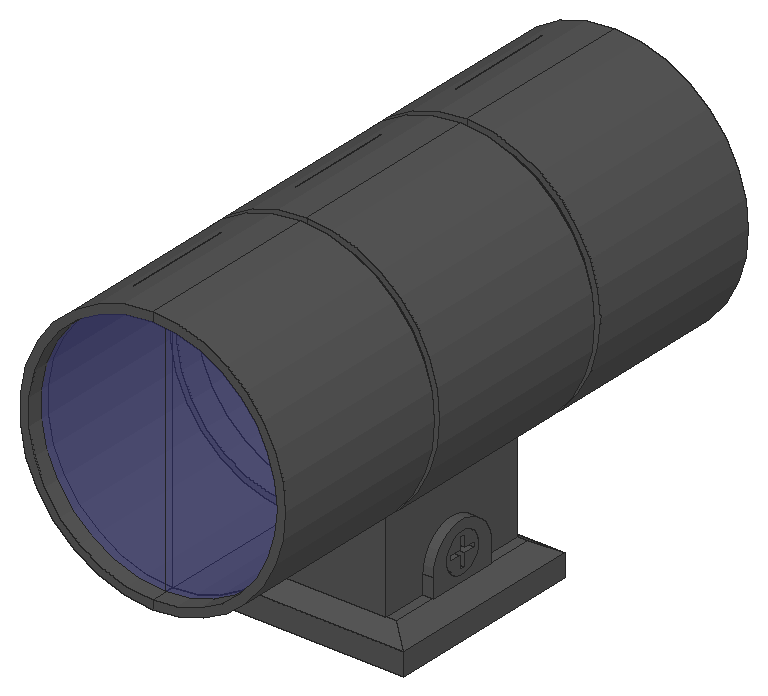
Revit family "CARLO CYLINDER LIGHT WALL MOUNT", category Lighting Fixtures, host Face, Revit 2020 (continued)
Types (10): name | Wattage_Input | Wattage Comments | Wattage | Photometric Web File | built-in parameter 1150142 | Model | built-in parameter 1150105 | Lumens | Light Length 1 | LIGHT RADIUS | LIGHT PLACEMENT | LIGHT LENGTH | LIGHT DIA | built-in parameter 1150106 | FIXED END HEIGHT | Curve base Height | Base Curve | BEAMING ANGLE | Apparent Load
    322.98 332.42 342.14 \r\n 352.44 363.73 375.31 386.59 397.69 408.55 419.2 429.6 439.92 450.42 \r\n 460.94 471.3 481.87 492.88 504.53 517.2 530.59 544.59 559 573.41 \r\n 588.32 604.34 620.76 636.98 653.22 669.56 685.84 701.85 717.82 734.12 \r\n 750.19 765.52 780.4 794.88 809.12 823.38 837.38 851.08 864.08 875.94 \r\n 886.76 896.38 905.21 913.75 921.61 928.59 934.66 939.38 943.77 948.93 \r\n 954.17 959.07 963.9 968.86 973.71 978.2 982.55 986.83 991.21 996.02 \r\n 1000.9 1005.5 1009.7 1012.7 1015.2 1017.9 1019.9 1019.9 1018.5 1016 \r\n 1011.9 \r\n1006.9 1014.9 1016.9 1017.7 1017.2 1015 1011.7 1008.2 1004.1 999.23 \r\n 993.98 988.75 983.67 979.08 974.75 970.59 966.43 962.01 957.44 952.66 \r\n 947.81 942.97 938.28 934.18 929.8 924.3 918.04 911.13 903.42 894.83 \r\n 885.35 874.89 863.53 851.19 838.21 824.86 811.18 797.41 783.29 768.64 \r\n 753.56 738.02 722.25 706.57 690.67 674.25 657.64 641.11 624.61 608.06 \r\n 591.92 576.8 562.04 546.91 532.15 518.32 505.22 492.88 481.23 470.43 \r\n 459.87 448.89 437.86 427.05 416.12 404.75 393.24 381.88 370.4 358.31 \r\n 346.61 336.48 326.98 317.39 308.34 300.8 292.94 283.65 271.78 254.63 \r\n 235.69 218.3 200.2 179.98 158.4 135.13 112.11 91.134 72.275 55.917 \r\n 42.919 35.001 29.963 26.253 23.644 21.368 19.508 17.899 16.527 15.337 \r\n 14.284 13.296 12.407 11.642 10.967 10.365 9.8236 9.3254 8.867 8.4371 \r\n 8.0417 7.6855 7.3609 7.0658 6.788 6.5128 6.2448 5.9801 5.7287 5.5067 \r\n 5.2919 5.0605 4.8337 4.6286 4.4339 4.2432 4.0589 3.8808 3.7113 3.5555 \r\n 3.4055 3.2529 3.1044 2.9646 2.8319 2.7066 2.588 2.4743 2.3692 2.2781 \r\n 2.1938 2.1037 2.0285 1.9957 1.9721 1.9318 1.8909 1.8574 1.829 1.8142 \r\n 1.7882 1.7152 1.6372 1.5989 1.556 1.4672 1.369 1.2906 1.2134 1.1273 \r\n 1.0359 0.93388 0.83892 0.77722 0.71805 0.6299 0.54144 0.47604 0.4181 0.35987 \r\n 0.30107 0.23292 0.17315 0.14563 0.12313 0.078346 0.035394 0.012214 0 0 \r\n 0.000056 0.0007332 0.0068444 0.023465 0.050371 0.09415 0.13944 0.16497 0.195 0.25403 \r\n 0.32006 0.37535 0.43163 0.49425 0.56458 0.65172 0.73793 0.79934 0.86354 0.95868 \r\n 1.0592 1.1459 1.2281 1.307 1.3881 1.487 1.5745 1.612 1.6442 1.7188 \r\n 1.7885 1.8089 1.8193 1.8488 1.8843 1.9231 1.9624 1.993 2.036 2.1172 \r\n 2.2125 2.3026 2.3989 2.5084 2.6254 2.7461 2.8727 3.0063 3.1468 3.2956 \r\n 3.4493 3.6035 3.7628 3.9308 4.1061 4.288 4.4781 4.6775 4.8874 5.1135 \r\n 5.3431 5.5573 5.7804 6.0367 6.3069 6.5778 6.8554 7.1366 7.4362 7.7692 \r\n 8.1321 8.5253 8.9519 9.4139 9.9159 10.454 11.056 11.753 12.539 13.411 \r\n 14.387 15.469 16.7 18.098 19.734 21.628 23.959 26.657 30.492 35.557 \r\n 43.81 58.151 75.844 95.206 115.98 137.6 159.31 179.97 200.18 220.25 \r\n 239.93 260.19 277.73 288.1 295.68 303.37 311.17 320.29 329.97 339.66 \r\n 349.95 361.58 373.55 384.95 396.17 407.37 418.4 429.06 439.62 450.33 \r\n 461.04 471.52 482.21 493.46 505.34 518.1 531.62 546 560.76 575.24 \r\n 590.16 606.28 622.83 639.22 655.64 672.14 688.55 704.66 720.68 736.85 \r\n 752.77 768.04 782.85 797.21 811.3 825.35 839.18 852.82 865.78 877.53 \r\n 888.22 897.65 906.24 914.45 921.96 928.62 934.37 938.76 942.83 947.72 \r\n 952.75 957.58 962.37 967.22 971.93 976.28 980.52 984.82 989.26 994.08 \r\n 998.97 1003.9 1008.3 1011.6 1014.4 1017.3 1019.3 1019.4 1018.1 1015.7 \r\n 1011.9 \r\n1006.9 1015.4 1017.6 1018.7 1018.5 1016.5 1013.4 1010.3 1006.5 1001.8 \r\n 996.76 991.79 986.94 982.43 978.11 973.95 969.73 965.14 960.41 955.63 \r\n 950.83 945.96 941.27 937.39 933.22 927.72 921.34 914.16 906.24 897.81 \r\n 888.49 877.93 866.29 853.45 839.96 826.36 812.53 798.62 784.39 769.66 \r\n 754.47 738.72 722.7 706.71 690.56 674.05 657.43 640.86 624.34 607.7 \r\n 591.5 576.55 561.98 546.89 532.18 518.53 505.66 493.55 482.08 471.28 \r\n 460.71 449.85 438.94 428.18 417.29 405.94 394.46 383.14 371.66 359.41 \r\n 347.53 337.3 327.68 317.84 308.53 300.67 292.91 285.12 274.61 257.1 \r\n 237.19 218.66 199.75 180.04 159.38 136.92 114.45 93.305 74.074 57.592 \r\n 44.449 36.168 30.777 26.938 24.27 21.905 19.969 18.308 16.892 15.648 \r\n 14.549 13.539 12.635 11.839 11.136 10.519 9.967 9.4562 8.9866 8.5492 \r\n 8.1464 7.7782 7.4424 7.1421 6.8617 6.5862 6.3169 6.0442 5.7849 5.5619 \r\n 5.3478 5.1161 4.8875 4.6759 4.4752 4.285 4.1028 3.9253 3.7554 3.5962 \r\n 3.4429 3.2905 3.1426 3.0009 2.8663 2.7411 2.622 2.5043 2.3941 2.2986 \r\n 2.2098 2.1149 2.0345 1.9951 1.9662 1.9283 1.8901 1.8516 1.8184 1.8064 \r\n 1.7853 1.7161 1.6418 1.6075 1.5686 1.4842 1.3884 1.3057 1.224 1.1397 \r\n 1.0514 0.95068 0.85591 0.79203 0.73112 0.64565 0.55929 0.48958 0.42729 0.37101 \r\n 0.31485 0.24556 0.18377 0.15482 0.1313 0.086901 0.043606 0.016322 0 0 \r\n 0 0 0 0.016322 0.043606 0.086901 0.1313 0.15482 0.18377 0.24556 \r\n 0.31485 0.37101 0.42729 0.48958 0.55929 0.64565 0.73112 0.79203 0.85591 0.95068 \r\n 1.0514 1.1397 1.224 1.3057 1.3884 1.4842 1.5686 1.6075 1.6418 1.7161 \r\n 1.7853 1.8064 1.8184 1.8516 1.8901 1.9283 1.9662 1.9951 2.0345 2.1149 \r\n 2.2098 2.2986 2.3941 2.5043 2.622 2.7411 2.8663 3.0009 3.1426 3.2905 \r\n 3.4429 3.5962 3.7554 3.9253 4.1028 4.285 4.4752 4.6759 4.8875 5.1161 \r\n 5.3478 5.5619 5.7849 6.0442 6.3169 6.5862 6.8617 7.1421 7.4424 7.7782 \r\n 8.1464 8.5492 8.9866 9.4562 9.967 10.519 11.136 11.839 12.635 13.539 \r\n 14.549 15.648 16.892 18.308 19.969 21.905 24.27 26.938 30.777 36.168 \r\n 44.449 57.592 74.074 93.305 114.45 136.92 159.38 180.04 199.75 218.66 \r\n 237.19 257.1 274.61 285.12 292.91 300.67 308.53 317.84 327.68 337.3 \r\n 347.53 359.41 371.66 383.14 394.46 405.94 417.29 428.18 438.94 449.85 \r\n 460.71 471.28 482.08 493.55 505.66 518.53 532.18 546.89 561.98 576.55 \r\n 591.5 607.7 624.34 640.86 657.43 674.05 690.56 706.71 722.7 738.72 \r\n 754.47 769.66 784.39 798.62 812.53 826.36 839.96 853.45 866.29 877.93 \r\n 888.49 897.81 906.24 914.16 921.34 927.72 933.22 937.39 941.27 945.96 \r\n 950.83 955.63 960.41 965.14 969.73 973.95 978.11 982.43 986.94 991.79 \r\n 996.76 1001.8 1006.5 1010.3 1013.4 1016.5 1018.5 1018.7 1017.6 1015.4 \r\n 1011.9 \r\n1006.9 1015.7 1018.1 1019.4 1019.3 1017.3 1014.4 1011.6 1008.3 1003.9 \r\n 998.97 994.08 989.26 984.82 980.52 976.28 971.93 967.22 962.37 957.58 \r\n 952.75 947.72 942.83 938.76 934.37 928.62 921.96 914.45 906.24 897.65 \r\n 888.22 877.53 865.78 852.82 839.18 825.35 811.3 797.21 782.85 768.04 \r\n 752.77 736.85 720.68 704.66 688.55 672.14 655.64 639.22 622.83 606.28 \r\n 590.16 575.24 560.76 546 531.62 518.1 505.34 493.46 482.21 471.52 \r\n 461.04 450.33 439.62 429.06 418.4 407.37 396.17 384.95 373.55 361.58 \r\n 349.95 339.66 329.97 320.29 311.17 303.37 295.68 288.1 277.73 260.19 \r\n 239.93 220.25 200.18 179.97 159.31 137.6 115.98 95.206 75.844 58.151 \r\n 43.81 35.557 30.492 26.657 23.959 21.628 19.734 18.098 16.7 15.469 \r\n 14.387 13.411 12.539 11.753 11.056 10.454 9.9159 9.4139 8.9519 8.5253 \r\n 8.1321 7.7692 7.4362 7.1366 6.8554 6.5778 6.3069 6.0367 5.7804 5.5573 \r\n 5.3431 5.1135 4.8874 4.6775 4.4781 4.288 4.1061 3.9308 3.7628 3.6035 \r\n 3.4493 3.2956 3.1468 3.0063 2.8727 2.7461 2.6254 2.5084 2.3989 2.3026 \r\n 2.2125 2.1172 2.036 1.993 1.9624 1.9231 1.8843 1.8488 1.8193 1.8089 \r\n 1.7885 1.7188 1.6442 1.612 1.5745 1.487 1.3881 1.307 1.2281 1.1459 \r\n 1.0592 0.95868 0.86354 0.79934 0.73793 0.65172 0.56458 0.49425 0.43163 0.37535 \r\n 0.32006 0.25403 0.195 0.16497 0.13944 0.09415 0.050371 0.023465 0.0068444 0.0007332 \r\n 0.000056 0 0 0.012214 0.035394 0.078346 0.12313 0.14563 0.17315 0.23292 \r\n 0.30107 0.35987 0.4181 0.47604 0.54144 0.6299 0.71805 0.77722 0.83892 0.93388 \r\n 1.0359 1.1273 1.2134 1.2906 1.369 1.4672 1.556 1.5989 1.6372 1.7152 \r\n 1.7882 1.8142 1.829 1.8574 1.8909 1.9318 1.9721 1.9957 2.0285 2.1037 \r\n 2.1938 2.2781 2.3692 2.4743 2.588 2.7066 2.8319 2.9646 3.1044 3.2529 \r\n 3.4055 3.5555 3.7113 3.8808 4.0589 4.2432 4.4339 4.6286 4.8337 5.0605 \r\n 5.2919 5.5067 5.7287 5.9801 6.2448 6.5128 6.788 7.0658 7.3609 7.6855 \r\n 8.0417 8.4371 8.867 9.3254 9.8236 10.365 10.967 11.642 12.407 13.296 \r\n 14.284 15.337 16.527 17.899 19.508 21.368 23.644 26.253 29.963 35.001 \r\n 42.919 55.917 72.275 91.134 112.11 135.13 158.4 179.98 200.2 218.3 \r\n 235.69 254.63 271.78 283.65 292.94 300.8 308.34 317.39 326.98 336.48 \r\n 346.61 358.31 370.4 381.88 393.24 404.75 416.12 427.05 437.86 448.89 \r\n 459.87 470.43 481.23 492.88 505.22 518.32 532.15 546.91 562.04 576.8 \r\n 591.92 608.06 624.61 641.11 657.64 674.25 690.67 706.57 722.25 738.02 \r\n 753.56 768.64 783.29 797.41 811.18 824.86 838.21 851.19 863.53 874.89 \r\n 885.35 894.83 903.42 911.13 918.04 924.3 929.8 934.18 938.28 942.97 \r\n 947.81 952.66 957.44 962.01 966.43 970.59 974.75 979.08 983.67 988.75 \r\n 993.98 999.23 1004.1 1008.2 1011.7 1015 1017.2 1017.7 1016.9 1014.9 \r\n 1011.9 \r\n1006.9 1016 1018.5 1019.9 1019.9 1017.9 1015.2 1012.7 1009.7 1005.5 \r\n 1000.9 996.02 991.21 986.83 982.55 978.2 973.71 968.86 963.9 959.07 \r\n 954.17 948.93 943.77 939.38 934.66 928.59 921.61 913.75 905.21 896.38 \r\n 886.76 875.94 864.08 851.08 837.38 823.38 809.12 794.88 780.4 765.52 \r\n 750.19 734.12 717.82 701.85 685.84 669.56 653.22 636.98 620.76 604.34 \r\n 588.32 573.41 559 544.59 530.59 517.2 504.53 492.88 481.87 471.3 \r\n 460.94 450.42 439.92 429.6 419.2 408.55 397.69 386.59 375.31 363.73 \r\n 352.44 342.14 332.42 322.98 314.13 306.48 298.81 291.03 280.41 262.88 \r\n 242.41 221.65 200.42 179.49 158.6 137.6 116.86 96.526 77.1 58.16 \r\n 42.605 34.518 29.932 26.146 23.433 21.165 19.341 17.75 16.388 15.186 \r\n 14.132 13.203 12.374 11.607 10.923 10.341 9.8234 9.3345 8.8839 8.4715 \r\n 8.0914 7.7376 7.4105 7.1129 6.8314 6.5515 6.2794 6.0138 5.7624 5.5393 \r\n 5.3246 5.0978 4.8752 4.6687 4.472 4.282 4.1001 3.9272 3.7615 3.6026 \r\n 3.4479 3.2929 3.1434 3.0046 2.8726 2.7445 2.6223 2.5069 2.3994 2.3029 \r\n 2.2124 2.1177 2.0367 1.9922 1.9594 1.9182 1.8784 1.8473 1.8225 1.8129 \r\n 1.792 1.7212 1.6457 1.6148 1.5779 1.4862 1.3836 1.3048 1.2296 1.1496 \r\n 1.0644 0.96392 0.86829 0.80381 0.74193 0.65463 0.56658 0.49636 0.43415 0.37752 \r\n 0.32276 0.26073 0.20528 0.17423 0.14657 0.10038 0.056269 0.030446 0.014155 0.0045106 \r\n 0.00011541 0 0 0.0081895 0.027314 0.069744 0.11479 0.13672 0.16303 0.21968 \r\n 0.28554 0.34708 0.40752 0.46067 0.52121 0.61155 0.70236 0.76009 0.81989 0.91471 \r\n 1.0176 1.1121 1.2 1.2719 1.3454 1.4465 1.5407 1.5884 1.6315 1.7135 \r\n 1.7905 1.8228 1.8414 1.8641 1.8913 1.9353 1.9786 1.9966 2.0222 2.0915 \r\n 2.1761 2.2555 2.3417 2.4406 2.5491 2.6671 2.7926 2.9227 3.06 3.2088 \r\n 3.3615 3.508 3.6601 3.8283 4.0064 4.1927 4.3838 4.5714 4.7685 4.9923 \r\n 5.2225 5.4382 5.659 5.9006 6.1553 6.422 6.6972 6.9724 7.2612 7.5719 \r\n 7.9124 8.2965 8.7147 9.1577 9.6386 10.164 10.744 11.383 12.11 12.968 \r\n 13.921 14.914 16.037 17.347 18.883 20.638 22.797 25.331 28.87 33.4 \r\n 40.829 53.756 70.089 88.552 109.29 132.72 156.72 179.37 200.34 217.84 \r\n 234.22 252.17 268.95 282.45 293.48 301.45 308.59 317.3 326.54 335.88 \r\n 345.87 357.25 369.06 380.47 391.82 403.27 414.59 425.49 436.31 447.41 \r\n 458.44 468.94 479.72 491.5 504.04 517.36 531.36 546.1 561.2 576.15 \r\n 591.43 607.51 623.92 640.35 656.82 673.36 689.67 705.27 720.62 736.14 \r\n 751.48 766.45 781.03 795.03 808.67 822.21 835.32 847.75 859.54 870.64 \r\n 881.04 890.76 899.59 907.14 913.85 920.06 925.64 930.35 934.79 939.56 \r\n 944.41 949.33 954.13 958.56 962.82 966.97 971.16 975.51 980.16 985.48 \r\n 990.99 996.4 1001.5 1005.9 1009.8 1013.3 1015.8 1016.5 1016.1 1014.5 \r\n 1011.9 \r\n1006.9 1016.3 1018.8 1020.3 1020.3 1018.4 1015.7 1013.5 1010.8 1006.9 \r\n 1002.4 997.62 992.79 988.45 984.18 979.73 975.1 970.13 965.05 960.13 \r\n 955.11 949.62 944.14 939.37 934.24 927.81 920.48 912.25 903.38 894.25 \r\n 884.41 873.44 861.51 848.53 834.85 820.71 806.29 791.95 777.38 762.46 \r\n 747.07 730.88 714.51 698.63 682.78 666.66 650.49 634.45 618.42 602.14 \r\n 586.21 571.28 556.93 542.88 529.25 515.98 503.39 491.95 481.15 470.72 \r\n 460.49 450.17 439.91 429.81 419.7 409.42 398.92 387.96 376.84 365.68 \r\n 354.78 344.5 334.77 325.61 317.06 309.61 301.92 293.56 282.34 264.86 \r\n 244.32 222.66 200.38 178.63 157.34 136.95 117.03 97.15 77.721 57.667 \r\n 41.047 33.237 29.209 25.508 22.795 20.607 18.865 17.332 16.017 14.851 \r\n 13.834 12.956 12.175 11.431 10.763 10.205 9.7103 9.2363 8.7986 8.4017 \r\n 8.036 7.6932 7.3737 7.0791 6.7978 6.5159 6.2429 5.9829 5.7374 5.5141 \r\n 5.2987 5.0749 4.8565 4.6542 4.4607 4.2708 4.0886 3.918 3.7547 3.5964 \r\n 3.4414 3.2853 3.135 2.9983 2.8682 2.7387 2.6152 2.5017 2.3966 2.3006 \r\n 2.2102 2.1169 2.0369 1.9916 1.9574 1.914 1.8731 1.8469 1.8273 1.8177 \r\n 1.7953 1.7232 1.6468 1.6164 1.5793 1.4832 1.3771 1.3007 1.2294 1.1516 \r\n 1.0677 0.96705 0.87067 0.80585 0.74349 0.65505 0.56611 0.49648 0.43506 0.37789 \r\n 0.3234 0.26545 0.21376 0.18184 0.15222 0.10523 0.060947 0.036571 0.021 0.0080995 \r\n 0.00017121 0 0 0.0045912 0.020011 0.061616 0.10664 0.12852 0.15401 0.20682 \r\n 0.26954 0.33359 0.39622 0.4447 0.50038 0.59178 0.68461 0.74158 0.80016 0.89423 \r\n 0.99721 1.0945 1.184 1.2508 1.3195 1.4233 1.523 1.5763 1.625 1.7104 \r\n 1.791 1.8305 1.8541 1.8712 1.892 1.9389 1.9851 1.9982 2.0171 2.0802 \r\n 2.1588 2.2335 2.3148 2.4068 2.5097 2.6268 2.7523 2.8794 3.0138 3.1623 \r\n 3.3146 3.4578 3.6064 3.7725 3.9496 4.1377 4.329 4.5093 4.6982 4.9179 \r\n 5.146 5.3626 5.5825 5.8133 6.0572 6.3227 6.5982 6.871 7.1535 7.4492 \r\n 7.7723 8.1425 8.5462 8.9715 9.4324 9.937 10.491 11.092 11.775 12.594 \r\n 13.5 14.429 15.477 16.714 18.161 19.799 21.823 24.267 27.603 31.541 \r\n 38.397 51.225 67.525 85.615 106.1 129.79 154.35 178.11 199.93 217.09 \r\n 232.75 249.82 266.29 281.46 294.29 302.37 309.09 317.4 326.24 335.37 \r\n 345.16 356.13 367.56 378.83 390.11 401.41 412.61 423.45 434.24 445.33 \r\n 456.36 466.76 477.47 489.35 502.03 515.52 529.64 544.29 559.31 574.44 \r\n 589.88 605.88 622.15 638.48 654.85 671.3 687.46 702.77 717.82 733.11 \r\n 748.29 763.18 777.68 791.59 805.11 818.53 831.42 843.32 854.59 865.48 \r\n 875.87 885.88 894.99 902.46 909.03 915.28 921.01 926.13 930.98 935.89 \r\n 940.78 945.78 950.6 954.93 959.09 963.26 967.51 971.87 976.58 982.13 \r\n 987.9 993.44 998.69 1003.4 1007.7 1011.4 1014.2 1015.3 1015.2 1014 \r\n 1011.9 \r\n1006.9 1016.4 1019 1020.5 1020.6 1018.7 1016.1 1014 1011.6 1007.9 \r\n 1003.6 998.86 994.02 989.71 985.44 980.9 976.14 971.05 965.84 960.8 \r\n 955.59 949.83 944 938.8 933.25 926.45 918.77 910.18 900.97 891.54 \r\n 881.46 870.36 858.37 845.45 831.82 817.63 803.13 788.74 774.14 759.19 \r\n 743.78 727.52 711.12 695.36 679.69 663.74 647.76 631.91 616.06 599.91 \r\n 584.06 569.12 554.79 541.04 527.74 514.57 502.05 490.79 480.18 469.87 \r\n 459.77 449.65 439.62 429.74 419.87 409.94 399.76 388.96 378.01 367.25 \r\n 356.72 346.5 336.79 327.9 319.62 312.38 304.63 295.37 283.25 265.79 \r\n 245.34 223.05 199.97 177.41 155.62 135.7 116.46 96.962 77.585 56.721 \r\n 39.352 31.899 28.438 24.844 22.144 20.04 18.381 16.911 15.648 14.521 \r\n 13.54 12.712 11.977 11.256 10.604 10.07 9.5976 9.1378 8.712 8.3295 \r\n 7.9774 7.6458 7.3345 7.0432 6.7627 6.4795 6.206 5.9516 5.7117 5.4879 \r\n 5.2716 5.0508 4.8365 4.6384 4.4482 4.2583 4.0757 3.9068 3.7454 3.5876 \r\n 3.4326 3.2755 3.1246 2.99 2.8619 2.7311 2.6064 2.4948 2.392 2.2966 \r\n 2.2067 2.1152 2.0367 1.9912 1.9562 1.9109 1.8691 1.8476 1.8326 1.8225 \r\n 1.7981 1.7249 1.6475 1.6171 1.5794 1.4796 1.3705 1.2961 1.228 1.1525 \r\n 1.07 0.96871 0.87118 0.80586 0.74301 0.6536 0.56404 0.49514 0.4346 0.37687 \r\n 0.32247 0.26801 0.2196 0.18705 0.15588 0.10834 0.064053 0.041148 0.026444 0.010993 \r\n 0.0002156 0 0 0.0017598 0.014131 0.054479 0.099021 0.12144 0.1467 0.19533 \r\n 0.25431 0.32031 0.38484 0.4294 0.48072 0.57181 0.66537 0.72262 0.78107 0.87347 \r\n 0.97524 1.0748 1.166 1.2285 1.2935 1.3992 1.5032 1.5628 1.6176 1.7053 \r\n 1.7884 1.8358 1.8654 1.8782 1.8935 1.9427 1.9913 2.0011 2.0147 2.0716 \r\n 2.144 2.2145 2.2916 2.3768 2.4737 2.5897 2.7148 2.8389 2.9701 3.1173 \r\n 3.2684 3.4092 3.5549 3.7182 3.8933 4.0824 4.2736 4.4473 4.6285 4.8435 \r\n 5.0688 5.2862 5.5054 5.7259 5.9595 6.2238 6.4998 6.7708 7.0476 7.329 \r\n 7.6348 7.9902 8.3781 8.7851 9.2255 9.7082 10.235 10.798 11.438 12.211 \r\n 13.064 13.929 14.904 16.061 17.412 18.929 20.815 23.158 26.271 29.601 \r\n 35.843 48.436 64.591 82.377 102.65 126.4 151.33 176.06 198.77 215.92 \r\n 231.24 247.67 263.95 280.67 295.12 303.29 309.61 317.52 325.93 334.82 \r\n 344.35 354.85 365.82 376.87 388.01 399.1 410.11 420.86 431.59 442.61 \r\n 453.55 463.82 474.42 486.32 499.08 512.67 526.86 541.37 556.26 571.52 \r\n 587.11 603.0
